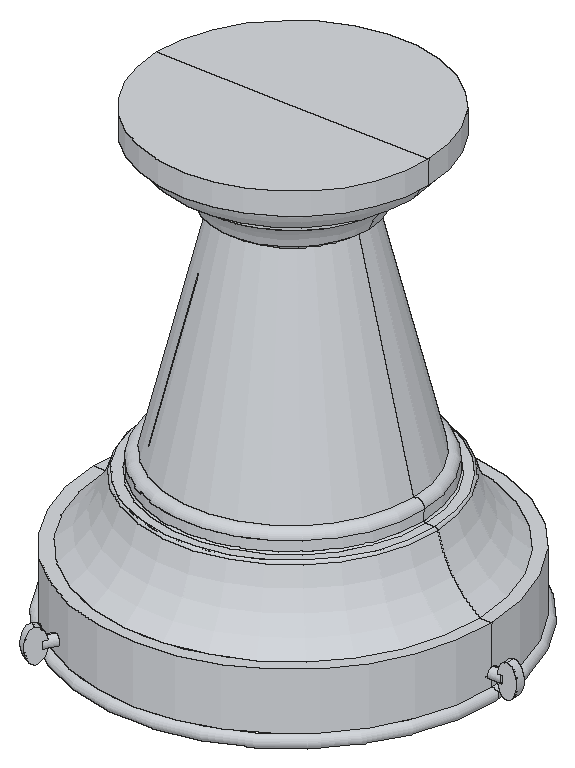
Revit family "FNF", category Generic Models, Revit 2024
Family settings
  Can host rebar = No
  Round Connector Dimension = Use Diameter
  Part Type = Normal
  Work Plane-Based = No
  Always vertical = Yes
  Cut with Voids When Loaded = No
  Maintain Annotation Orientation = No
  Shared = No
  Room Calculation Point = No
Parameters
  Default Elevation = 0' - 0"
Reference planes (in)
  plane 1 "Center (Front/Back)": y = 0
  plane 2: z = 0
  plane 3 "Center (Left/Right)": x = 0
Forms (in)
  Revolve 1, solid
    sketch origin (0, 0, 0) x (1, 0, 0) y (0, 0, 1)
      loop
        arc (2.82733, 34.68406) -> (2.41837, 35.09946) -> (2.18568, 35.63394) r 1.59753
        arc (2.18568, 35.63394) -> (2.17449, 35.65906) -> (2.15471, 35.67816) r 0.07211
        line (2.15471, 35.67816) -> (2.01306, 35.67816)
        arc (2.01306, 35.67816) -> (1.99549, 35.68544) -> (1.98821, 35.70302) r 0.02485
        line (1.98821, 35.70302) -> (1.98821, 35.85028)
        arc (1.98821, 35.85028) -> (1.94036, 35.94828) -> (1.83366, 35.9708) r 0.12426
        line (1.83366, 35.9708) -> (1.00336, 39.27454)
        arc (1.00336, 39.27454) -> (1.06592, 39.30818) -> (1.09053, 39.37482) r 0.10034
        line (1.09053, 39.37482) -> (1.16411, 39.37482)
        arc (1.16411, 39.37482) -> (1.27937, 39.59506) -> (1.46518, 39.76017) r 0.69011
        line (1.46518, 39.76017) -> (1.46518, 39.86508)
        arc (1.46518, 39.86508) -> (1.78742, 39.9895) -> (1.9659, 40.28524) r 0.53352
        line (1.9659, 40.28524) -> (2.06345, 40.28524) -> (2.06345, 40.62635) -> (0, 40.62635) -> (0, 40.50135) -> (1.93845, 40.50135) -> (1.93845, 40.3567) -> (1.85088, 40.3567)
        arc (1.85088, 40.3567) -> (1.72592, 40.1021) -> (1.46531, 39.99021) r 0.40852
        line (1.46531, 39.99021) -> (1.34018, 39.86508) -> (1.34018, 39.82678)
        arc (1.34018, 39.82678) -> (1.15949, 39.64338) -> (1.04501, 39.41277) r 0.81511
        line (1.04501, 39.41277) -> (1.01841, 39.38617) -> (0.88096, 39.24872) -> (1.70229, 35.98069) -> (1.86321, 35.85028) -> (1.86321, 35.70302)
        arc (1.86321, 35.70302) -> (1.93126, 35.57746) -> (2.0736, 35.56594) r 0.14985
        arc (2.0736, 35.56594) -> (2.33786, 34.99619) -> (2.78881, 34.55906) r 1.72253
        line (2.78881, 34.55906) -> (2.88873, 34.55906) -> (2.88873, 33.81274) -> (2.92053, 33.71954)
        arc (2.92053, 33.71954) -> (3.07963, 33.65364) -> (3.01373, 33.81274) r 0.0932
        line (3.01373, 33.81274) -> (3.01373, 34.68406) -> (2.82733, 34.68406)
      axis (0, 40.62635) -> (0, 33.71954)
    angle from 0 to 360
  Extrusion 2, solid
    sketch origin (0, 0, 0) x (1, 0, 0) y (0, 0, 1)
      loop
        spline (3.29024, 34.26277) -> (3.25142, 34.25425) -> (3.21524, 34.22928) -> (3.18418, 34.18955) -> (3.16034, 34.13777) -> (3.14536, 34.07748) -> (3.14024, 34.01277) -> (3.14536, 33.94807) -> (3.16034, 33.88777) -> (3.18418, 33.83599) -> (3.21524, 33.79627) -> (3.25142, 33.77129) -> (3.29024, 33.76277)
        spline (3.29024, 33.76277) -> (3.32907, 33.77129) -> (3.36524, 33.79627) -> (3.39631, 33.83599) -> (3.42015, 33.88777) -> (3.43513, 33.94807) -> (3.44024, 34.01277) -> (3.43513, 34.07748) -> (3.42015, 34.13777) -> (3.39631, 34.18955) -> (3.36524, 34.22928) -> (3.32907, 34.25425) -> (3.29024, 34.26277)
    from -0.0625 to 0.0625
  Revolve 3, solid
    sketch origin (0, 0, 0) x (1, 0, 0) y (0, 0, 1)
      loop
        line (3.20515, 34.01277) -> (3.20515, 34.09644) -> (2.79413, 34.09644) -> (2.79413, 34.01277) -> (3.20515, 34.01277)
      axis (3.20515, 34.01277) -> (2.79413, 34.01277)
    angle from 0 to 360
  Extrusion 4, solid
    sketch origin (0.00293, 0.00507, 0) x (-0.5, -0.866025, 0) y (0, 0, 1)
      loop
        spline (3.29024, 34.26277) -> (3.25142, 34.25425) -> (3.21524, 34.22928) -> (3.18418, 34.18955) -> (3.16034, 34.13777) -> (3.14536, 34.07748) -> (3.14024, 34.01277) -> (3.14536, 33.94807) -> (3.16034, 33.88777) -> (3.18418, 33.83599) -> (3.21524, 33.79627) -> (3.25142, 33.77129) -> (3.29024, 33.76277)
        spline (3.29024, 33.76277) -> (3.32907, 33.77129) -> (3.36524, 33.79627) -> (3.39631, 33.83599) -> (3.42015, 33.88777) -> (3.43513, 33.94807) -> (3.44024, 34.01277) -> (3.43513, 34.07748) -> (3.42015, 34.13777) -> (3.39631, 34.18955) -> (3.36524, 34.22928) -> (3.32907, 34.25425) -> (3.29024, 34.26277)
    from -0.0625 to 0.0625
  Revolve 5, solid
    sketch origin (0.00293, 0.00507, 0) x (-0.5, -0.866025, 0) y (0, 0, 1)
      loop
        line (3.20515, 34.01277) -> (3.20515, 34.09644) -> (2.79413, 34.09644) -> (2.79413, 34.01277) -> (3.20515, 34.01277)
      axis (3.20515, 34.01277) -> (2.79413, 34.01277)
    angle from 0 to 360
  Extrusion 6, solid
    sketch origin (0.00293, -0.00507, 0) x (-0.5, 0.866025, 0) y (0, 0, 1)
      loop
        spline (3.29024, 34.26277) -> (3.25142, 34.25425) -> (3.21524, 34.22928) -> (3.18418, 34.18955) -> (3.16034, 34.13777) -> (3.14536, 34.07748) -> (3.14024, 34.01277) -> (3.14536, 33.94807) -> (3.16034, 33.88777) -> (3.18418, 33.83599) -> (3.21524, 33.79627) -> (3.25142, 33.77129) -> (3.29024, 33.76277)
        spline (3.29024, 33.76277) -> (3.32907, 33.77129) -> (3.36524, 33.79627) -> (3.39631, 33.83599) -> (3.42015, 33.88777) -> (3.43513, 33.94807) -> (3.44024, 34.01277) -> (3.43513, 34.07748) -> (3.42015, 34.13777) -> (3.39631, 34.18955) -> (3.36524, 34.22928) -> (3.32907, 34.25425) -> (3.29024, 34.26277)
    from -0.0625 to 0.0625
  Revolve 7, solid
    sketch origin (0.00293, -0.00507, 0) x (-0.5, 0.866025, 0) y (0, 0, 1)
      loop
        line (3.20515, 34.01277) -> (3.20515, 34.09644) -> (2.79413, 34.09644) -> (2.79413, 34.01277) -> (3.20515, 34.01277)
      axis (3.20515, 34.01277) -> (2.79413, 34.01277)
    angle from 0 to 360
Dimensions and locks (in)
  aligned and locked: plane 2 to level
